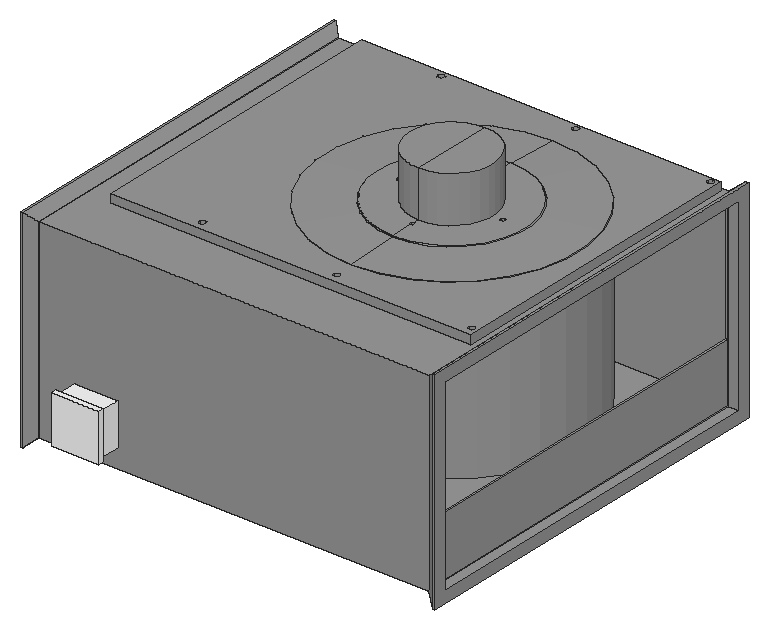
Revit family "RKB 700x400 B1 EC_7480112", category Mechanical Equipment, Revit 2014
Parameters (values of type "RKB 700X400 B1 EC")
  Wiring diagram = "4040145"
  Width = 787 mm
  Weight = 42.00 kg
  Voltage range = "200-277 V"
  Voltage = 230 V
  Speed = "1420 rpm"
  Sound pressure level at 3 m = "59 dB(A)"
  Power = 720 W
  Phase = 1
  Max. temperature of transported air when speed controlled = 60 °C
  Max. temperature of transported air = 60 °C
  Main Material = Steel, Galvanized
  Height = 493 mm
  Frequency = 50 Hz
  Elevation [instance] = 2600 mm
  Description = "UNINSULATED DUCT FANS WITH RECTANGULAR CONNECTIONS"
  Depth = 743 mm
  Current = 3.29 A
  Connector Height = 400 mm
  Connector Width = 700 mm
  Capacitor = "- μF"
Reference planes
  plane 1 "Center (Front/Back)": y = 0
  plane 2: z = 0
  plane 3 "Center (Left/Right)": x = 0
  plane 4: x = -393.5
  plane 5: x = 393.5
  plane 6: y = 371.5
  plane 7: y = -371.5
  plane 8: z = 2600
  plane 9: z = 3093
Dimensions and locks
  equal spacing: plane 4, plane 3 "Center (Left/Right)", plane 5
  "Width": plane 4 to plane 5
  equal spacing: plane 6, plane 1 "Center (Front/Back)", plane 7
  "Depth": plane 6 to plane 7
  "Elevation": plane 8 to level
  "Height": plane 9 to plane 8
  aligned and locked: level to plane 2
  aligned and locked: nested 1 to plane 1 "Center (Front/Back)"
  aligned and locked: plane 1 "Center (Front/Back)" to nested 2
  aligned and locked: plane 3 "Center (Left/Right)" to nested 2
  aligned and locked: nested 2 to plane 8
  aligned and locked: plane 3 "Center (Left/Right)" to nested 1
Nested families
  nested 1: "Flow direction symbol" at (0, 0, 0), type "Flow direction symbol"
  nested 2: "RKB" at (0, 0, 2613.5), type "RKB"
Connectors
  electrical at (-262.218, -405.269, 2692.5), driven by "Phase", driven by "Voltage", driven by "Power"
    settings: on nested 2, index 3, voltage 230 V, apparent load 0 VA, apparent load phase1 720 VA, apparent load phase2 0 VA, apparent load phase3 0 VA, power factor 1, load classification "HVAC", number of poles 1, system type 31, power factor state 1, is connector primary yes, connector utility no, sub classification motor no, connector description ""
  hvac at (-393.5, 0, 2800), driven by "Connector Height", driven by "Connector Width"
    settings: on nested 2, index 4, duct flow 0.0 L/s, flow factor 0, pres drop 0.0 Pa, loss coef 0, conn angle 0.00°, conn width 700 mm, conn height 400 mm, conn diameter 609.6 mm, duct sys type 1, conn prof type 1, flow config 0, flow direction 1, loss method 0, conn ref index -1, conn util no, is conn primary yes, conn desc ""
  hvac at (299.769, 0, 2786.5), driven by "Connector Height", driven by "Connector Width"
    settings: on nested 2, index 5, duct flow 0.0 L/s, flow factor 0, pres drop 0.0 Pa, loss coef 0, conn angle 0.00°, conn width 700 mm, conn height 400 mm, conn diameter 609.6 mm, duct sys type 3, conn prof type 1, flow config 0, flow direction 2, loss method 0, conn ref index -1, conn util no, is conn primary no, conn desc ""
Definition of nested family "RKB"
  Parameters (values of type "RKB")
    Width = 787 mm
    Main Material = Steel, Galvanized
    Height = 493 mm
    Description = ""
    Depth = 743 mm
    Connector Width = 700 mm
    Connector Heigth = 400 mm
  Reference planes
    plane 1 "Center (Front/Back)": y = 0
    plane 2: z = 0
    plane 3 "Center (Left/Right)": x = 0
    plane 4: x = -393.5
    plane 5: x = 393.5
    plane 6: y = 371.5
    plane 7: y = -371.5
    plane 8: z = 373
    plane 9: z = 119
    plane 10: x = -107.218
    plane 11: z = 186.5
    plane 12: z = 386.5
    plane 13: z = -13.5
    plane 14: y = 350
    plane 15: y = -350
    plane 16: z = 61.5
    plane 17: z = 493
    plane 18: x = 87.698
    plane 19: y = 50.08
  Forms (mm)
    Sweep 1, solid, material "Steel, Galvanized" <- "Main Material", detail levels medium+fine
      path origin (-393.5, 864.407, 1200) x (0, 1, 0) y (0, 0, 1)
        loop
          line (-492.907, -1213.5) -> (-492.907, -813.5) -> (-1235.907, -813.5) -> (-1235.907, -1213.5) -> (-492.907, -1213.5)
      profile origin (-393.5, 371.5, 186.5) x (0, -1, 0) y (1, 0, 0)
        loop
          line (22.203, 21.231) -> (16.231, 21.231) -> (0, 5) -> (0, 0) -> (22.203, 0) -> (22.203, 21.231)
    Sweep 2, solid, material "Steel, Galvanized" <- "Main Material", detail levels medium+fine
      path origin (393.5, 864.407, 1200) x (0, 1, 0) y (0, 0, 1)
        loop
          line (-492.907, -1213.5) -> (-492.907, -813.5) -> (-1235.907, -813.5) -> (-1235.907, -1213.5) -> (-492.907, -1213.5)
      profile origin (393.5, 371.5, 186.5) x (0, -1, 0) y (1, 0, 0)
        loop
          line (22.203, -24.231) -> (22.203, 0) -> (0, 0) -> (0, -5) -> (16.231, -24.231) -> (22.203, -24.231)
    Revolve 3, solid, material "Steel, Galvanized" <- "Main Material", detail levels medium+fine
      sketch origin (87.698, -19.893, 1332.69) x (0, -1, 0) y (0, 0, 1)
        loop
          line (-69.973, -1281.823) -> (-69.973, -853.19) -> (-148.493, -853.19) -> (-148.493, -941.219) -> (-209.802, -941.219) -> (-210.67, -942.722) -> (-309.973, -946.19) -> (-309.973, -1281.823) -> (-69.973, -1281.823)
        axis (-69.973, -853.19) -> (-69.973, -1281.823)
      angle from 0 to 360
    Sweep 4, void
      path origin (58.902, 8.368, 1200) x (-1, 0, 0) y (0, 0, 1)
        loop
          line (-10.677, -954.203) -> (-10.677, -624.203)
      profile origin (69.579, 8.368, 410.797) x (1, 0, 0) y (0, 1, 0)
        loop
          circle (19.596, 136.159) r 4
        loop
          circle (19.596, -52.735) r 4
        loop
          circle (116.56, 40.128) r 4
        loop
          circle (-80.322, 40.128) r 4
        loop
          circle (279.819, -236.853) r 6
        loop
          circle (23.48, -236.64) r 6
        loop
          circle (-231.52, -236.64) r 6
        loop
          circle (279.819, 329.416) r 6
        loop
          circle (23.48, 329.202) r 6
        loop
          circle (-231.52, 329.202) r 6
    Sweep 5, solid, material "Steel, Galvanized" <- "Main Material", detail levels coarse
      path origin (0, 0, 0) x (1, 0, 0) y (0, 1, 0)
        loop
          line (-393.5, 0) -> (393.5, 0)
      profile origin (0, 0, 0) x (0, 1, 0) y (0, 0, 1)
        loop
          line (371.5, 479.5) -> (-371.5, 479.5) -> (-371.5, -13.5) -> (371.5, -13.5) -> (371.5, 479.5)
    Sweep 6, solid, material "Steel, Galvanized" <- "Main Material", detail levels medium+fine
      path origin (0, 0, 0) x (0, 1, 0) y (0, 0, 1)
        loop
          line (349.297, 2.203) -> (349.297, 122.203)
      profile origin (0, 349.297, 62.203) x (0, -1, 0) y (1, 0, 0)
        loop
          line (0, -372.269) -> (698.595, -372.269) -> (698.595, -369.269) -> (0, -369.269) -> (0, -372.269)
        loop
          line (0, 372.269) -> (0, 369.269) -> (698.595, 369.269) -> (698.595, 372.269) -> (0, 372.269)
    Sweep 7, solid, material "Plastic", detail levels medium+fine
      path origin (-155, 0, 78.041) x (1, 0, 0) y (0, 1, 0)
        loop
          line (-107.218, -355.269) -> (-107.218, -395.269)
      profile origin (-262.218, -375.269, 78.041) x (1, 0, 0) y (0, 0, 1)
        loop
          line (-40, 40.959) -> (-40, -39.041) -> (40, -39.041) -> (40, 40.959) -> (-40, 40.959)
    Sweep 8, solid, material "Plastic", detail levels medium+fine
      path origin (-155, 0, -12.5) x (1, 0, 0) y (0, 1, 0)
        loop
          line (-107.218, -395.269) -> (-107.218, -405.269)
      profile origin (-262.218, -400.269, -12.5) x (1, 0, 0) y (0, 0, 1)
        loop
          line (-45, 136.5) -> (-45, 46.5) -> (45, 46.5) -> (45, 136.5) -> (-45, 136.5)
    Extrusion 9, solid, material "Steel, Galvanized" <- "Main Material"
      sketch origin (0, 0, 0) x (0, 1, 0) y (0, 0, 1)
        loop
          line (349.297, 386.5) -> (-245, 386.5) -> (-245, 370.269) -> (349.297, 370.269) -> (349.297, 386.5)
      from -323.049 to 360
    Extrusion 10, solid, material "Steel, Galvanized" <- "Main Material"
      sketch origin (0, 0, 0) x (0, 1, 0) y (0, 0, 1)
        loop
          line (355.269, 370.269) -> (-355.269, 370.269) -> (-355.269, 2.731) -> (355.269, 2.731) -> (355.269, 370.269)
        loop
          line (349.297, 364.297) -> (-349.297, 364.297) -> (-349.297, 8.703) -> (349.297, 8.703) -> (349.297, 364.297)
      from -372.269 to 372.443
  Cuts and joins
    joined: Sweep 1, Sweep 2
    Sweep 4 cuts Revolve 3
    Sweep 4 cuts Extrusion 9
  Dimensions and locks
    equal spacing: plane 4, plane 3 "Center (Left/Right)", plane 5
    "Width": plane 4 to plane 5
    equal spacing: plane 6, plane 1 "Center (Front/Back)", plane 7
    "Depth": plane 6 to plane 7
    Sweep 4 sketch curve to plane 8 to Sweep 4 sketch curve = 202.797 mm, 127.203 mm
    Sweep 6 sketch curve to plane 2 = 2.203 mm
    Sweep 6 sketch curve to Sweep 6 sketch curve = 120 mm
    locked: plane 6 to Sweep 6 sketch curve at 22.203  (x2)
    locked: plane 4 to Sweep 6 sketch curve at 21.231
    locked: Sweep 6 sketch curve to Sweep 6 sketch curve at 3  (x2)
    locked: Sweep 6 sketch curve to plane 7 at 22.203  (x2)
    locked: Sweep 6 sketch curve to plane 6 at 22.203
    locked: Sweep 6 sketch curve to plane 5 at 21.231
    Sweep 7 sketch curve to plane 7 to Sweep 7 sketch curve = 16.231 mm, 23.769 mm
    plane 7 to Sweep 8 sketch curve to Sweep 8 sketch curve = 23.769 mm, 10 mm locked
    equal spacing: plane 8, plane 11, plane 2
    "Connector Heigth": plane 12 to plane 13
    equal spacing: plane 12, plane 11, plane 13
    "Connector Width": plane 14 to plane 15
    equal spacing: plane 14, plane 1 "Center (Front/Back)", plane 15
    "Height": plane 17 to level
    aligned and locked: level to plane 2
    aligned and locked: Sweep 1 sketch curve to plane 6
    aligned and locked: plane 7 to Sweep 1 sketch curve
    aligned and locked: plane 7 to Sweep 2 sketch curve
    aligned and locked: Sweep 2 sketch curve to plane 6
    aligned and locked: plane 1 "Center (Front/Back)" to Sweep 5 sketch curve
    aligned and locked: plane 7 to Sweep 5 sketch curve
    aligned and locked: Sweep 5 sketch curve to plane 6
    aligned and locked: Sweep 5 to Revolve 3 sketch curve
    aligned and locked: Sweep 1 sketch curve to plane 12
    aligned and locked: plane 13 to Sweep 1 sketch curve
    aligned and locked: Sweep 2 sketch curve to plane 13
    aligned and locked: plane 12 to Sweep 2 sketch curve
    aligned and locked: Extrusion 10 to cut or joined group of Sweep 1, Sweep 2
    aligned and locked: Extrusion 9 to cut or joined group of Sweep 1, Sweep 2
    aligned and locked: Extrusion 10 to Sweep 6
  Automatic sketch dimensions
    Sweep 1 sketch curve to profile plane = 0 mm
    Sweep 1 sketch curve to plane 4 = 0 mm
    Sweep 1 sketch curve to profile plane = 16.231 mm
    Sweep 1 sketch curve to Sweep 1 sketch curve = 5.972 mm
    plane 4 to Sweep 1 sketch curve = 5 mm
    plane 4 to Sweep 1 sketch curve = 21.231 mm
    Sweep 2 sketch curve to profile plane = 0 mm
    Sweep 2 sketch curve to plane 5 = 0 mm
    Sweep 2 sketch curve to profile plane = 16.231 mm
    Sweep 2 sketch curve to Sweep 2 sketch curve = 5.972 mm
    Sweep 2 sketch curve to Sweep 2 sketch curve = 5 mm
    Sweep 2 sketch curve to Sweep 2 sketch curve = 24.231 mm
    Sweep 5 sketch curve to plane 4 = 0 mm
    Sweep 5 sketch curve to plane 5 = 0 mm
    profile plane to Sweep 8 sketch curve = 45 mm
    Sweep 8 sketch curve to profile plane = 45 mm
    level to Sweep 8 sketch curve = 34 mm
    Sweep 8 sketch curve to Sweep 8 sketch curve = 90 mm
    plane 12 to Extrusion 9 sketch curve = 0 mm
    plane 15 to Extrusion 9 sketch curve = 105 mm
    Extrusion 9 sketch curve to plane 14 = 0.703 mm
    Extrusion 9 sketch curve to plane 8 = 2.731 mm
    profile plane to Sweep 7 sketch curve = 40 mm
    Sweep 7 sketch curve to profile plane = 40 mm
    Sweep 7 sketch curve to profile plane = 39.041 mm
    profile plane to Sweep 7 sketch curve = 40.959 mm
    Sweep 5 sketch curve to level = 13.5 mm
    level to Sweep 5 sketch curve = 479.5 mm
    Extrusion 10 sketch curve to plane 15 = 5.269 mm
    plane 15 to Extrusion 10 sketch curve = 0.703 mm
    Extrusion 10 sketch curve to plane 14 = 0.703 mm
    plane 14 to Extrusion 10 sketch curve = 5.269 mm
    level to Extrusion 10 sketch curve = 2.731 mm
    Extrusion 10 sketch curve to Extrusion 10 sketch curve = 5.972 mm  (x2)
    Extrusion 10 sketch curve to plane 8 = 2.731 mm
    plane 4 to Sweep 7 sketch curve = 131.282 mm
    plane 4 to Sweep 8 sketch curve = 131.282 mm
    plane 18 to Sweep 4 sketch curve = 18.119 mm
    profile plane to Sweep 4 sketch curve = 231.52 mm  (x2)
    profile plane to Sweep 4 sketch curve = 40.128 mm  (x2)
    profile plane to Sweep 4 sketch curve = 80.322 mm
    Sweep 4 sketch curve to profile plane = 19.596 mm  (x2)
    Sweep 4 sketch curve to profile plane = 23.48 mm  (x2)
    Sweep 4 sketch curve to Sweep 4 sketch curve = 256.339 mm  (x2)
    Sweep 4 sketch curve to profile plane = 52.735 mm
    Sweep 4 sketch curve to Sweep 4 sketch curve = 183.905 mm
    Sweep 4 sketch curve to profile plane = 236.64 mm
    Sweep 4 sketch curve to profile plane = 236.853 mm
    Sweep 4 sketch curve to Sweep 4 sketch curve = 193.044 mm
    Sweep 4 sketch curve to Sweep 4 sketch curve = 0 mm
    Sweep 4 sketch curve to Sweep 4 sketch curve = 0.214 mm
    Sweep 4 sketch curve to profile plane = 116.56 mm
    profile plane to Sweep 4 sketch curve = 136.159 mm
    Revolve 3 sketch curve to plane 12 = 0 mm
    Revolve 3 sketch curve to plane 19 = 0 mm  (x2)
    Revolve 3 sketch curve to plane 17 = 0 mm
    plane 12 to Revolve 3 sketch curve = 4.971 mm
    plane 19 to Revolve 3 sketch curve = 78.52 mm
    plane 12 to Revolve 3 sketch curve = 3.468 mm
    Revolve 3 sketch curve to Revolve 3 sketch curve = 62.176 mm
    plane 16 to Revolve 3 sketch curve = 10.633 mm
    Revolve 3 sketch curve to plane 14 = 59.92 mm
    Revolve 3 sketch curve to Revolve 3 sketch curve = 0.868 mm
    plane 11 to Revolve 3 sketch curve = 3.892 mm
    radius of Sweep 4 sketch curve = 4 mm  (x4)
    radius of Sweep 4 sketch curve = 6 mm  (x6)
Definition of nested family "Flow direction symbol"
  Parameters (values of type "Flow direction symbol")
    Warning = "!"
    Text = "DIMENSIONS OVERCONSTRAINT"
  Reference planes
    plane 1: y = 0
    plane 2: x = 0
  Lines and regions (mm)
    detail lines
      curve 1: line (-0.506, 0.877, 0) -> (-0.506, -0.877, 0)
      curve 2: line (1.012, 0, 0) -> (-0.506, -0.877, 0)
      curve 3: line (-0.506, 0.877, 0) -> (1.012, 0, 0)
      curve 4: circle (0, 0, 0) r 1 normal (0, 0, 1)
